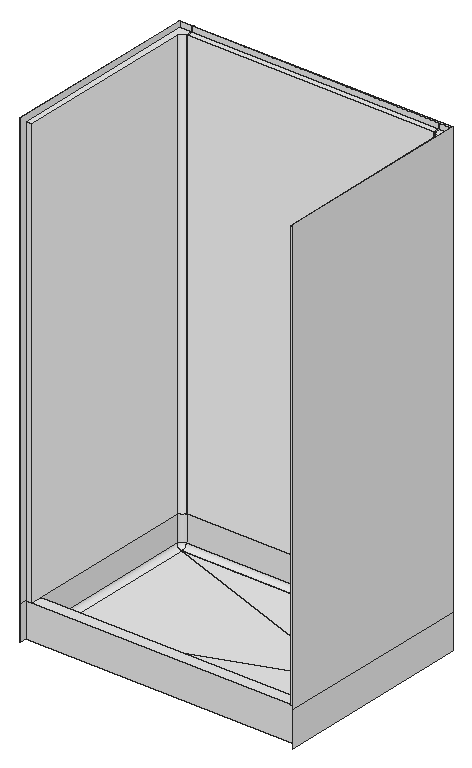
Revit family "4LBS4834FBL-R", category Plumbing Fixtures, Revit 2017
Family settings
  Round Connector Dimension = Use Diameter
  Part Type = Normal
  OmniClass Number = 23.45.05.14.17
  OmniClass Title = Showers
  Work Plane-Based = No
  Always vertical = Yes
  Cut with Voids When Loaded = No
  Shared = No
  Room Calculation Point = No
Parameters (values of type "4LBS4834FBL/R")
  Unit Width = 48"
  Unit Height = 82 1/2"
  Unit Depth = 35"
  URL = "http://www.bestbath.com/"
  Type Comments = "Remodeler"
  Model = "4LBS4834FBL/R"
  Material [instance] = Best Bath Gelcoat Fiberglass - RealTile
  Manufacturer = "Best Bath Systems, Inc."
  Keynote = "22 40 00.B3"
  Description = "Subway Tile Finish"
  Assembly Code = "D2010710"
Reference planes (in)
  plane 1 "Back": y = -0.5
  plane 2: z = 0
  plane 3 "Left": x = 0
  plane 4: x = 48
  plane 5: y = -34.5
  plane 6: z = 81.5
  plane 7: z = 0.625
  plane 8: z = 82.5
  plane 9: x = 42
  plane 10: y = -1.75
  plane 11: y = -16.25
  plane 12: z = 0.25
  plane 13: z = 6
  plane 14: y = -35.5
  plane 15: z = 13.25
  plane 16: z = 48.25
Forms (in)
  Extrusion 1, solid, material "Best Bath Gelcoat Fiberglass - Smooth"
    sketch origin (0, 0, 0) x (1, 0, 0) y (0, 1, 0)
      loop
        line (0, -0.5) -> (0, -34.5) -> (48, -34.5) -> (48, -0.5) -> (0, -0.5)
      loop
        circle (42, -16.25) r 2.0625
    from 0 to 0.625
  Extrusion 2, solid, material "Best Bath Gelcoat Fiberglass - Smooth"
    sketch origin (0, 0, 0) x (1, 0, 0) y (0, 1, 0)
      loop
        line (2.25, -0.5) -> (2.25, -1.75) -> (45.75, -1.75) -> (45.75, -0.5) -> (2.25, -0.5)
    from 6 to 81.5
  Extrusion 3, solid, material "Best Bath Gelcoat Fiberglass - Smooth"
    sketch origin (0, 0, 0) x (1, 0, 0) y (0, 1, 0)
      loop
        line (0, -34.5) -> (1.25, -34.5) -> (1.25, -2.75)
        arc (1.25, -2.75) -> (1.54289, -2.04289) -> (2.25, -1.75) r 1
        line (2.25, -1.75) -> (45.75, -1.75)
        arc (45.75, -1.75) -> (46.45711, -2.04289) -> (46.75, -2.75) r 1
        line (46.75, -2.75) -> (46.75, -34.5) -> (48, -34.5) -> (48, -0.5) -> (0, -0.5) -> (0, -34.5)
    from 0 to 6
  Extrusion 4, solid, material "Best Bath Gelcoat Fiberglass - Smooth"
    sketch origin (0, 0, 0) x (1, 0, 0) y (0, 1, 0)
      loop
        line (0, -34.5) -> (1.25, -34.5) -> (1.25, -2.75)
        arc (1.25, -2.75) -> (1.54289, -2.04289) -> (2.25, -1.75) r 1
        line (2.25, -1.75) -> (2.25, -0.5) -> (0, -0.5) -> (0, -34.5)
      loop
        line (46.75, -34.5) -> (48, -34.5) -> (48, -0.5) -> (45.75, -0.5) -> (45.75, -1.75)
        arc (45.75, -1.75) -> (46.45711, -2.04289) -> (46.75, -2.75) r 1
        line (46.75, -2.75) -> (46.75, -34.5)
    from 6 to 81.5
  Sweep 5, solid, material "Best Bath Gelcoat Fiberglass - Smooth"
    path origin (0, 0, 0) x (1, 0, 0) y (0, 1, 0)
      loop
        line (1.25, -34.5) -> (1.25, -2.75)
        arc (1.25, -2.75) -> (1.54289, -2.04289) -> (2.25, -1.75) r 1
        line (2.25, -1.75) -> (45.75, -1.75)
        arc (45.75, -1.75) -> (46.45711, -2.04289) -> (46.75, -2.75) r 1
        line (46.75, -2.75) -> (46.75, -34.5)
    profile origin (1.25, -18.625, 0) x (-1, 0, 0) y (0, 0, 1)
      loop
        line (0, 0.625) -> (0, 1.525)
        arc (0, 1.525) -> (-0.2636, 0.8886) -> (-0.9, 0.625) r 0.9
        line (-0.9, 0.625) -> (0, 0.625)
  Blend 6, void
    base sketch origin (0, 0, 0) x (1, 0, 0) y (0, 1, 0)
      loop
        line (2.25, -31.5) -> (45.75, -31.5) -> (45.75, -2.75) -> (2.25, -2.75) -> (2.25, -31.5)
    top sketch origin (0, 0, 0) x (1, 0, 0) y (0, 1, 0)
      loop
        circle (42, -16.25) r 0.05278
    from 0.625 to 0.25
  Sweep 7, solid, material "Best Bath Gelcoat Fiberglass - Smooth"
    path origin (0, 0, 0) x (1, 0, 0) y (0, 1, 0)
      loop
        line (1.25, -34.5) -> (46.75, -34.5)
    profile origin (24, -34.5, 0) x (0, 1, 0) y (0, 0, 1)
      loop
        line (0, 0) -> (3.11628, 0) -> (2, 6) -> (0, 6) -> (0, 0)
  Extrusion 8, solid, material "Best Bath Gelcoat Fiberglass - Smooth"
    sketch origin (0, 0, 0) x (1, 0, 0) y (0, 1, 0)
      loop
        line (0, -34.5) -> (0, -35.5) -> (0.125, -35.5) -> (0.125, -34.5) -> (0, -34.5)
      loop
        line (48, -34.5) -> (47.875, -34.5) -> (47.875, -35.5) -> (48, -35.5) -> (48, -34.5)
    from 0 to 6
  Extrusion 9, solid, material "Best Bath Gelcoat Fiberglass - Smooth"
    sketch origin (0, 0, 0) x (1, 0, 0) y (0, 1, 0)
      loop
        line (2.25, -0.5) -> (2.25, -0.625) -> (45.75, -0.625) -> (45.75, -0.5) -> (2.25, -0.5)
    from 81.5 to 82.5
  Extrusion 10, solid, material "Best Bath Gelcoat Fiberglass - Smooth"
    sketch origin (0, 0, 0) x (1, 0, 0) y (0, 1, 0)
      loop
        line (0, -35.5) -> (0.125, -35.5) -> (0.125, -0.625) -> (2.25, -0.625) -> (2.25, -0.5) -> (0, -0.5) -> (0, -35.5)
      loop
        line (48, -35.5) -> (48, -0.5) -> (45.75, -0.5) -> (45.75, -0.625) -> (47.875, -0.625) -> (47.875, -35.5) -> (48, -35.5)
    from 6 to 82.5
Cuts and joins
  Blend 6 cuts Extrusion 1
  Blend 6 cuts Extrusion 3
  Blend 6 cuts Sweep 5
  joined: Extrusion 1, Extrusion 3, Sweep 5, Sweep 7, Extrusion 8
  joined: Extrusion 2, Extrusion 9
  joined: Extrusion 4, Extrusion 10
Dimensions and locks (in)
  "Unit Width": plane 3 "Left" to plane 4
  locked: plane 7 to level at 0.625
  locked: plane 8 to plane 6 at 1
  "Unit Height": plane 8 to level
  plane 3 "Left" to plane 9 to plane 4 = 42", 6"
  plane 1 "Back" to plane 11 = 15 3/4"
  plane 10 to plane 1 "Back" = 1 1/4"
  locked: plane 7 to plane 12 at 0.375
  locked: plane 13 to level at 6
  locked: plane 5 to plane 14 at 1
  "Unit Depth": plane 14 to plane 1 "Back"
  locked: plane 15 to plane 13 at 7.25
  locked: plane 16 to plane 15 at 35
  aligned and locked: level to plane 2
  aligned and locked: Extrusion 1 to plane 7
  aligned and locked: plane 5 to Extrusion 1 sketch curve
  aligned and locked: plane 4 to Extrusion 1 sketch curve
  aligned and locked: Extrusion 2 sketch curve to Extrusion 1
  aligned and locked: Extrusion 2 sketch curve to plane 10
  aligned and locked: plane 11 to Extrusion 1 sketch curve
  aligned and locked: plane 9 to Extrusion 1 sketch curve
  aligned and locked: plane 13 to Extrusion 3
  aligned and locked: Extrusion 2 to plane 13
  aligned and locked: plane 6 to Extrusion 2
  aligned and locked: Extrusion 4 to Extrusion 2
  aligned and locked: plane 6 to Extrusion 4
  aligned and locked: Sweep 5 sketch curve to plane 7
  aligned and locked: plane 11 to Blend 6 sketch curve
  aligned and locked: plane 9 to Blend 6 sketch curve
  aligned and locked: Extrusion 1 to Blend 6
  aligned and locked: Blend 6 to plane 12
  aligned and locked: Extrusion 8 to Extrusion 2
  aligned and locked: plane 8 to Extrusion 9
  aligned and locked: Extrusion 9 to plane 6
  aligned and locked: Extrusion 10 to plane 13
  aligned and locked: plane 8 to Extrusion 10
Automatic sketch dimensions
  Extrusion 1 sketch curve to plane 3 "Left" = 0"
  plane 1 "Back" to Extrusion 1 sketch curve = 0"
  plane 1 "Back" to Extrusion 3 sketch curve = 0"
  Extrusion 3 sketch curve to plane 3 "Left" = 0"
  Extrusion 3 sketch curve to plane 5 = 0"  (x2)
  Extrusion 3 sketch curve to plane 10 = 0"
  Extrusion 3 sketch curve to plane 4 = 0"
  plane 4 to Extrusion 3 sketch curve = 1 1/4"
  Extrusion 3 sketch curve to plane 10 = 1"
  plane 3 "Left" to Extrusion 3 sketch curve = 1 1/4"
  Extrusion 3 sketch curve to Extrusion 3 sketch curve = 1"
  Sweep 5 sketch curve to plane 10 = 0"
  plane 3 "Left" to Sweep 5 sketch curve = 1 1/4"
  Sweep 5 sketch curve to plane 10 = 1"  (x2)
  Sweep 5 sketch curve to plane 5 = 0"  (x2)
  plane 4 to Sweep 5 sketch curve = 2 1/4"
  Sweep 5 sketch curve to profile plane = 0"
  profile plane to Sweep 5 sketch curve = 0.9"
  Extrusion 4 sketch curve to plane 3 "Left" = 0"
  Extrusion 4 sketch curve to plane 5 = 0"  (x2)
  plane 1 "Back" to Extrusion 4 sketch curve = 0"  (x2)
  Extrusion 4 sketch curve to plane 10 = 0"  (x2)
  Extrusion 4 sketch curve to plane 4 = 0"
  Extrusion 4 sketch curve to Extrusion 4 sketch curve = 1 1/4"
  Extrusion 4 sketch curve to Extrusion 4 sketch curve = 2 1/4"
  plane 4 to Extrusion 4 sketch curve = 2 1/4"
  plane 4 to Extrusion 4 sketch curve = 1 1/4"
  plane 4 to Extrusion 2 sketch curve = 2 1/4"
  plane 3 "Left" to Extrusion 2 sketch curve = 2 1/4"
  Sweep 7 sketch curve to plane 5 = 0"
  plane 3 "Left" to Sweep 7 sketch curve = 1 1/4"
  plane 4 to Sweep 7 sketch curve = 1 1/4"
  Sweep 7 sketch curve to profile plane = 0"
  level to Sweep 7 sketch curve = 6"
  Sweep 7 sketch curve to profile plane = 3.11628"
  Sweep 7 sketch curve to profile plane = 2"
  level to Sweep 7 sketch curve = 0"
  Blend 6 sketch curve to plane 10 = 1"
  plane 3 "Left" to Blend 6 sketch curve = 2 1/4"
  plane 5 to Blend 6 sketch curve = 3"
  plane 4 to Blend 6 sketch curve = 2 1/4"
  Extrusion 8 sketch curve to plane 3 "Left" = 0"
  Extrusion 8 sketch curve to plane 14 = 0"  (x2)
  Extrusion 8 sketch curve to plane 5 = 0"  (x2)
  Extrusion 8 sketch curve to plane 4 = 0"
  plane 3 "Left" to Extrusion 8 sketch curve = 1/8"
  plane 4 to Extrusion 8 sketch curve = 1/8"
  plane 1 "Back" to Extrusion 9 sketch curve = 0"
  plane 3 "Left" to Extrusion 9 sketch curve = 2 1/4"
  plane 4 to Extrusion 9 sketch curve = 2 1/4"
  plane 1 "Back" to Extrusion 9 sketch curve = 1/8"
  Extrusion 10 sketch curve to plane 3 "Left" = 0"
  Extrusion 10 sketch curve to plane 14 = 0"  (x2)
  plane 1 "Back" to Extrusion 10 sketch curve = 0"  (x2)
  Extrusion 10 sketch curve to plane 4 = 0"
  plane 3 "Left" to Extrusion 10 sketch curve = 1/8"
  plane 1 "Back" to Extrusion 10 sketch curve = 1/8"  (x2)
  Extrusion 10 sketch curve to Extrusion 10 sketch curve = 2 1/8"
  plane 4 to Extrusion 10 sketch curve = 2 1/4"
  plane 4 to Extrusion 10 sketch curve = 1/8"
  radius of Extrusion 1 sketch curve = 2 1/16"
  radius of Blend 6 sketch curve = 0.05278"
